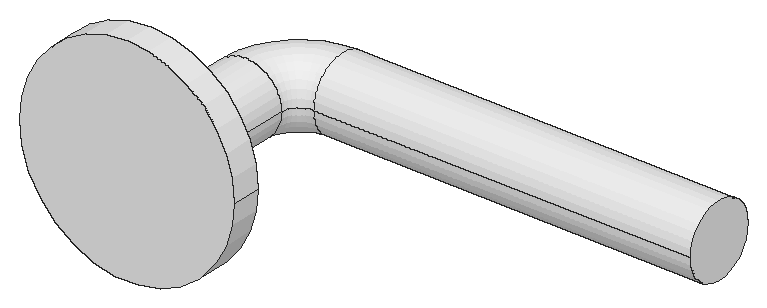
Revit family "f55643473f8e460891a3e7f9dae6e592", category Doors, Revit 2021
Family settings
  Work Plane-Based = No
  Always vertical = Yes
  Cut with Voids When Loaded = No
  Shared = No
  Room Calculation Point = No
Parameters (values of type "Standard")
  Material = Aluminum
  Handle Z Distance = 0"
  Handle X Distance = 2 61/64"
  Assembly Code = ""
  Analytic Construction = "<None>"
Reference planes (in)
  plane 1 "Center (Front/Back)": y = 0
  plane 2: z = 0
  plane 3 "Center (Left/Right)": x = 5.90551
  plane 4: z = 0
  plane 5 "Handle C/L": x = 8.85864
Forms (in)
  Extrusion 1, solid, material "Aluminum" <- "Material"
    sketch origin (11.81102, 0, 0) x (1, 0, 0) y (0, 0, -1)
      loop
        circle (-3.05081, 0) r 1.1811
    from 0 to 0.31496
  Sweep 2, solid, material "Aluminum" <- "Material"
    path origin (0, 0, 0) x (0, -1, 0) y (1, 0, 0)
      loop
        line (-0.31496, 8.85864) -> (-1.49606, 8.85864)
        arc (-1.49606, 8.85864) -> (-1.91365, 9.03161) -> (-2.08661, 9.44919) r 0.59055
        line (-2.08661, 9.44919) -> (-2.08661, 13.58305)
    profile origin (8.85864, 0.90551, 0) x (1, 0, 0) y (0, 0, 1)
      loop
        circle (0, 0) r 0.3937
Dimensions and locks (in)
  "Handle Z Distance": plane 4 to level
  Sweep 2 sketch curve to Sweep 2 sketch curve = 4.13386"
  "Handle X Distance": plane 5 "Handle C/L" to plane 3 "Center (Left/Right)"
  plane 5 "Handle C/L" to Sweep 2 sketch curve = 4.72441"
  aligned and locked: plane 4 to Extrusion 1 sketch curve
Automatic sketch dimensions
  Sweep 2 sketch curve to profile plane = 0"  (x2)
  Sweep 2 sketch curve to plane 5 "Handle C/L" = 0"
  Sweep 2 sketch curve to plane 1 "Center (Front/Back)" = 2.08661"
  Sweep 2 sketch curve to plane 1 "Center (Front/Back)" = 0.31496"
  Extrusion 1 sketch curve to plane 5 "Handle C/L" = 0.09843"
  radius of Sweep 2 sketch curve = 0.3937"
  radius of Extrusion 1 sketch curve = 1.1811"
